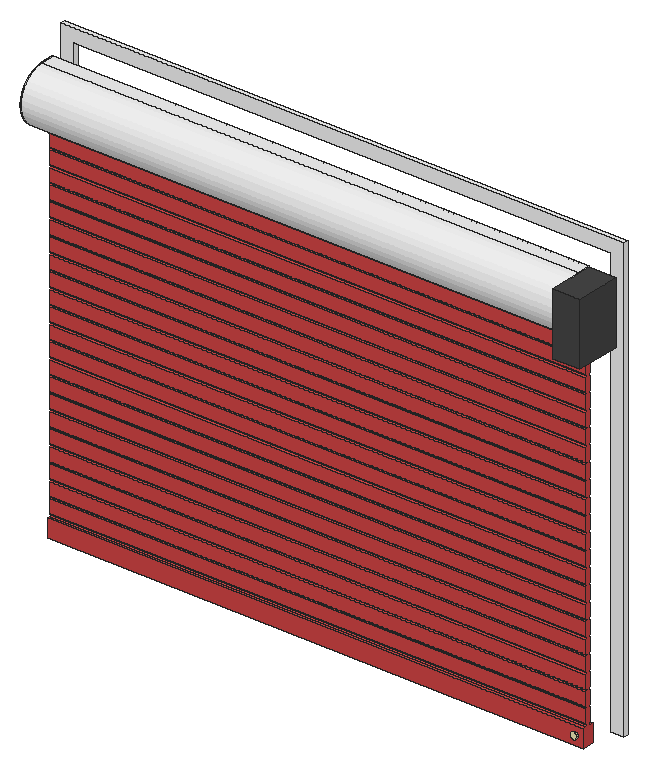
Revit family "Overhead-Door_Coiling", category Doors, host Wall, Revit 2026
Family settings
  Host = Wall
  Classification Number = 23.30.10.17.27.11
  Always vertical = Yes
  Cut with Voids When Loaded = No
  Shared = No
  Room Calculation Point = No
Parameters (values of type "10x8 Fire Shutter")
  pnlarry = Height / 0' 4 1/8"  # 23
  Warranty Duration (Years) = 5
  UL Rating = "2 Hour"
  Test Data = ""
  Specification = "http://www.arcat.com/divs/sec/sec08330.shtml"
  Shutter Thickness = 0' - 1"
  Shutter Material = ARCAT - Metal - Steel, Plate, Painted - Red
  Sales Information = ""
  Safety Detection = "Detect obstruction and reverse door without contacting obstruction"
  Rough Width = Width + 0' 1 1/2"  # 10' - 1 1/2"
  Rough Height = Height + 0' 1"  # 8' - 1"
  Product Properties = "http://www.arcat.com/bim/bim_info.pl?fn=Overhead-Door_Coiling"
  Product Data = "http://www.arcat.com/divs/sec/sec08330.shtml"
  Operator = "220VAC, Internally Mounted"
  Operation = "{24VDC 3 Button Switch}{Chain Pull}{Manual Lift}"
  Motor Cover Material = ARCAT - Metal - Steel, Plate, Painted - Black
  Model = "Generic"  # constant formula
  Manufacturer Website = "http://www.arcat.com/"
  Manufacturer Phone - Toll Free = ""
  Manufacturer Phone = "(203) 929-9444"  # constant formula
  Manufacturer Fax = "(203) 929-2444"  # constant formula
  Manufacturer Email = "bim@arcat.com"  # constant formula
  Manufacturer Address = "1077 Bridgeport Ave, Shelton, CT  06484"  # constant formula
  Manufacturer = "Generic"  # constant formula
  Maintenance Schedule (Months) = 6
  Keynote = "08330"
  Installation-Fabrication = ""
  Installation Phase = ""
  Housing Material = ARCAT - Metal - Steel, Galvanized
  Hardware Finish = ARCAT - Metal - Brass, Polished
  Green Building-LEED = "http://www.arcat.com/green/green_building.shtml"
  Function = Interior
  Frame Projection Ext. = 0' - 1"
  Frame Projection Int. = 0' - 1"
  Frame Width = 0' - 3"
  Height = 8' - 0"
  Wall Closure = By host
  Width = 10' - 0"
  Fire Rating = ""
  Expected Lifespan (Years) = 25
  Drawn By = "Robert S. Weygant. CSI, CDT, SCIP"  # constant formula
  Detection / Release Devices = "Three 165 degree Fahrenheit fusible links, Fail-Safe release device with 72 hour battery backup"
  Description = "10x8 Fire Shutter"
  Copyright = "2008, ARCAT, Inc."  # constant formula
  Construction Details = "http://www.arcat.com/divs/sec/sec08330.shtml"
  Casing Material = ARCAT - Metal - Steel, Stainless
  Building Codes = ""
  Assembly Code = "B2030410"
Types (16): name | UL Rating | Shutter Material | Rough Width | Width | Description
  10x8 Fire Shutter | "2 Hour" | ARCAT - Metal - Steel, Plate, Painted - Red | 10' - 1 1/2" | 10' - 0" | "10x8 Fire Shutter"
  10x8 Security Shutter | "30 Min" | ARCAT - Metal - Steel, Galvanized | 10' - 1 1/2" | 10' - 0" | "10x8 Security Shutter"
  9x8 Fire Shutter | "2 Hour" | ARCAT - Metal - Steel, Plate, Painted - Red | 9' - 1 1/2" | 9' - 0" | "9x8 Fire Shutter"
  9x8 Security Shutter | "30 Min" | ARCAT - Metal - Steel, Galvanized | 9' - 1 1/2" | 9' - 0" | "9x8 Security Shutter"
  8x8 Fire Shutter | "2 Hour" | ARCAT - Metal - Steel, Plate, Painted - Red | 8' - 1 1/2" | 8' - 0" | "8x8 Fire Shutter"
  8x8 Security Shutter | "30 Min" | ARCAT - Metal - Steel, Galvanized | 8' - 1 1/2" | 8' - 0" | "8x8 Security Shutter"
  7x8 Fire Shutter | "2 Hour" | ARCAT - Metal - Steel, Plate, Painted - Red | 7' - 1 1/2" | 7' - 0" | "7x8 Fire Shutter"
  7x8 Security Shutter | "30 Min" | ARCAT - Metal - Steel, Galvanized | 7' - 1 1/2" | 7' - 0" | "7x8 Security Shutter"
  6x8 Fire Shutter | "2 Hour" | ARCAT - Metal - Steel, Plate, Painted - Red | 6' - 1 1/2" | 6' - 0" | "6x8 Fire Shutter"
  6x8 Security Shutter | "30 Min" | ARCAT - Metal - Steel, Galvanized | 6' - 1 1/2" | 6' - 0" | "6x8 Security Shutter"
  5x8 Fire Shutter | "2 Hour" | ARCAT - Metal - Steel, Plate, Painted - Red | 5' - 1 1/2" | 5' - 0" | "5x8 Fire Shutter"
  5x8 Security Shutter | "30 Min" | ARCAT - Metal - Steel, Galvanized | 5' - 1 1/2" | 5' - 0" | "5x8 Security Shutter"
  4x8 Fire Shutter | "2 Hour" | ARCAT - Metal - Steel, Plate, Painted - Red | 4' - 1 1/2" | 4' - 0" | "4x8 Fire Shutter"
  4x8 Security Shutter | "30 Min" | ARCAT - Metal - Steel, Galvanized | 4' - 1 1/2" | 4' - 0" | "4x8 Security Shutter"
  3x8 Fire Shutter | "2 Hour" | ARCAT - Metal - Steel, Plate, Painted - Red | 3' - 1 1/2" | 3' - 0" | "3x8 Fire Shutter"
  3x8 Security Shutter | "30 Min" | ARCAT - Metal - Steel, Galvanized | 3' - 1 1/2" | 3' - 0" | "3x8 Security Shutter"
Reference planes (in)
  plane 1 "Center (Front/Back)": y = 0
  plane 2 "Center (Left/Right)": x = 0
  plane 3 "Left": x = -60
  plane 4 "Right": x = 60
  plane 5 "Top": z = 96
  plane 6: z = 0
Forms (in)
  Extrusion 1, solid, material "ARCAT - Metal - Steel, Stainless" <- "Casing Material"
    sketch origin (-90, 3, 0) x (-1, 0, 0) y (0, 0, 1)
      loop
        line (-150, 96) -> (-30, 96) -> (-30, 0) -> (-27, 0) -> (-27, 99) -> (-153, 99) -> (-153, 0) -> (-150, 0) -> (-150, 96)
    from 0 to 1
  Extrusion 2, solid, material "ARCAT - Metal - Steel, Galvanized" <- "Housing Material"
    sketch origin (-48, 0, -15) x (0, 1, 0) y (0, 0, 1)
      loop
        line (-4, 96) -> (-3.875, 96) -> (-3.875, 99.125) -> (-6, 99.125)
        arc (-6, 99.125) -> (-11.875, 105) -> (-6, 110.875) r 5.875
        line (-6, 110.875) -> (-3.125, 110.875) -> (-3.125, 96) -> (-3, 96) -> (-3, 111) -> (-6, 111)
        arc (-6, 111) -> (-12, 105) -> (-6, 99) r 6
        line (-6, 99) -> (-4, 99) -> (-4, 96)
    from -12 to 108
  Extrusion 3, solid, material "ARCAT - Metal - Steel, Plate, Painted - Black" <- "Motor Cover Material"
    sketch origin (48, 0, 0) x (0, 1, 0) y (0, 0, 1)
      loop
        line (-3.125, 95.875) -> (-13.125, 95.875) -> (-13.125, 81.875) -> (-3.125, 81.875) -> (-3.125, 95.875)
    from 12 to 18
  Extrusion 4, solid, material "ARCAT - Metal - Steel, Galvanized" <- "Housing Material"
    sketch origin (-48.125, 0, 0) x (0, 1, 0) y (0, 0, 1)
      loop
        line (-3, 81) -> (-3, 96) -> (-6, 96)
        arc (-6, 96) -> (-12, 90) -> (-6, 84) r 6
        line (-6, 84) -> (-4, 84) -> (-4, 81) -> (-3, 81)
    from -12 to -11.875
  Extrusion 5, solid, material "ARCAT - Metal - Steel, Plate, Painted - Red" <- "Shutter Material"
    sketch origin (-60, 0, 0) x (0, -1, 0) y (0, 0, 1)
      loop
        line (2.79109, 84.125) -> (2.79109, 0) -> (3.79109, 0) -> (3.79109, 84.125) -> (2.79109, 84.125)
    from -120 to 0
  Extrusion 6, solid, material "ARCAT - Metal - Steel, Plate, Painted - Red" <- "Shutter Material"
    sketch origin (-60, 0, 0) x (0, -1, 0) y (0, 0, 1)
      loop
        line (2.04109, 0) -> (2.79109, 0) -> (2.79109, 4) -> (2.04109, 4) -> (2.04109, 0)
      loop
        line (3.79109, 0) -> (4.54109, 0) -> (4.54109, 4) -> (3.79109, 4) -> (3.79109, 0)
    from -120 to 0
  Extrusion 7, void
    sketch origin (60, 0, 0) x (0, -1, 0) y (0, 0, 1)
      loop
        line (3.79109, 4) -> (3.79109, 4.49527) -> (3.54346, 4.24764) -> (3.79109, 4)
    from 0 to 120 <- "Width"
  Extrusion 8, void
    sketch origin (60, 0, 3.5) x (0, -1, 0) y (0, 0, 1)
      loop
        line (3.79109, 4) -> (3.79109, 4.49527) -> (3.54346, 4.24764) -> (3.79109, 4)
    from 0 to 120 <- "Width"
  Extrusion 9, void
    sketch origin (60, 0, 7) x (0, -1, 0) y (0, 0, 1)
      loop
        line (3.79109, 4) -> (3.79109, 4.49527) -> (3.54346, 4.24764) -> (3.79109, 4)
    from 0 to 120 <- "Width"
  Extrusion 10, void
    sketch origin (60, 0, 10.5) x (0, -1, 0) y (0, 0, 1)
      loop
        line (3.79109, 4) -> (3.79109, 4.49527) -> (3.54346, 4.24764) -> (3.79109, 4)
    from 0 to 120 <- "Width"
  Extrusion 11, void
    sketch origin (60, 0, 14) x (0, -1, 0) y (0, 0, 1)
      loop
        line (3.79109, 4) -> (3.79109, 4.49527) -> (3.54346, 4.24764) -> (3.79109, 4)
    from 0 to 120 <- "Width"
  Extrusion 12, void
    sketch origin (60, 0, 17.5) x (0, -1, 0) y (0, 0, 1)
      loop
        line (3.79109, 4) -> (3.79109, 4.49527) -> (3.54346, 4.24764) -> (3.79109, 4)
    from 0 to 120 <- "Width"
  Extrusion 13, void
    sketch origin (60, 0, 21) x (0, -1, 0) y (0, 0, 1)
      loop
        line (3.79109, 4) -> (3.79109, 4.49527) -> (3.54346, 4.24764) -> (3.79109, 4)
    from 0 to 120 <- "Width"
  Extrusion 14, void
    sketch origin (60, 0, 24.5) x (0, -1, 0) y (0, 0, 1)
      loop
        line (3.79109, 4) -> (3.79109, 4.49527) -> (3.54346, 4.24764) -> (3.79109, 4)
    from 0 to 120 <- "Width"
  Extrusion 15, void
    sketch origin (60, 0, 28) x (0, -1, 0) y (0, 0, 1)
      loop
        line (3.79109, 4) -> (3.79109, 4.49527) -> (3.54346, 4.24764) -> (3.79109, 4)
    from 0 to 120 <- "Width"
  Extrusion 16, void
    sketch origin (60, 0, 31.5) x (0, -1, 0) y (0, 0, 1)
      loop
        line (3.79109, 4) -> (3.79109, 4.49527) -> (3.54346, 4.24764) -> (3.79109, 4)
    from 0 to 120 <- "Width"
  Extrusion 17, void
    sketch origin (60, 0, 35) x (0, -1, 0) y (0, 0, 1)
      loop
        line (3.79109, 4) -> (3.79109, 4.49527) -> (3.54346, 4.24764) -> (3.79109, 4)
    from 0 to 120 <- "Width"
  Extrusion 18, void
    sketch origin (60, 0, 38.5) x (0, -1, 0) y (0, 0, 1)
      loop
        line (3.79109, 4) -> (3.79109, 4.49527) -> (3.54346, 4.24764) -> (3.79109, 4)
    from 0 to 120 <- "Width"
  Extrusion 19, void
    sketch origin (60, 0, 42) x (0, -1, 0) y (0, 0, 1)
      loop
        line (3.79109, 4) -> (3.79109, 4.49527) -> (3.54346, 4.24764) -> (3.79109, 4)
    from 0 to 120 <- "Width"
  Extrusion 20, void
    sketch origin (60, 0, 45.5) x (0, -1, 0) y (0, 0, 1)
      loop
        line (3.79109, 4) -> (3.79109, 4.49527) -> (3.54346, 4.24764) -> (3.79109, 4)
    from 0 to 120 <- "Width"
  Extrusion 21, void
    sketch origin (60, 0, 49) x (0, -1, 0) y (0, 0, 1)
      loop
        line (3.79109, 4) -> (3.79109, 4.49527) -> (3.54346, 4.24764) -> (3.79109, 4)
    from 0 to 120 <- "Width"
  Extrusion 22, void
    sketch origin (60, 0, 52.5) x (0, -1, 0) y (0, 0, 1)
      loop
        line (3.79109, 4) -> (3.79109, 4.49527) -> (3.54346, 4.24764) -> (3.79109, 4)
    from 0 to 120 <- "Width"
  Extrusion 23, void
    sketch origin (60, 0, 56) x (0, -1, 0) y (0, 0, 1)
      loop
        line (3.79109, 4) -> (3.79109, 4.49527) -> (3.54346, 4.24764) -> (3.79109, 4)
    from 0 to 120 <- "Width"
  Extrusion 24, void
    sketch origin (60, 0, 59.5) x (0, -1, 0) y (0, 0, 1)
      loop
        line (3.79109, 4) -> (3.79109, 4.49527) -> (3.54346, 4.24764) -> (3.79109, 4)
    from 0 to 120 <- "Width"
  Extrusion 25, void
    sketch origin (60, 0, 63) x (0, -1, 0) y (0, 0, 1)
      loop
        line (3.79109, 4) -> (3.79109, 4.49527) -> (3.54346, 4.24764) -> (3.79109, 4)
    from 0 to 120 <- "Width"
  Extrusion 26, void
    sketch origin (60, 0, 66.5) x (0, -1, 0) y (0, 0, 1)
      loop
        line (3.79109, 4) -> (3.79109, 4.49527) -> (3.54346, 4.24764) -> (3.79109, 4)
    from 0 to 120 <- "Width"
  Extrusion 27, void
    sketch origin (60, 0, 70) x (0, -1, 0) y (0, 0, 1)
      loop
        line (3.79109, 4) -> (3.79109, 4.49527) -> (3.54346, 4.24764) -> (3.79109, 4)
    from 0 to 120 <- "Width"
  Extrusion 28, void
    sketch origin (60, 0, 73.5) x (0, -1, 0) y (0, 0, 1)
      loop
        line (3.79109, 4) -> (3.79109, 4.49527) -> (3.54346, 4.24764) -> (3.79109, 4)
    from 0 to 120 <- "Width"
  Extrusion 29, void
    sketch origin (60, 0, 77) x (0, -1, 0) y (0, 0, 1)
      loop
        line (3.79109, 4) -> (3.79109, 4.49527) -> (3.54346, 4.24764) -> (3.79109, 4)
    from 0 to 120 <- "Width"
  Extrusion 30, void
    sketch origin (60, -6.58219, 0) x (0, 1, 0) y (0, 0, -1)
      loop
        line (3.79109, -4) -> (3.54346, -4.24764) -> (3.79109, -4.49527) -> (3.79109, -4)
    from 0 to 120 <- "Width"
  Extrusion 31, void
    sketch origin (60, -6.58219, 3.5) x (0, 1, 0) y (0, 0, -1)
      loop
        line (3.79109, -4) -> (3.54346, -4.24764) -> (3.79109, -4.49527) -> (3.79109, -4)
    from 0 to 120 <- "Width"
  Extrusion 32, void
    sketch origin (60, -6.58219, 7) x (0, 1, 0) y (0, 0, -1)
      loop
        line (3.79109, -4) -> (3.54346, -4.24764) -> (3.79109, -4.49527) -> (3.79109, -4)
    from 0 to 120 <- "Width"
  Extrusion 33, void
    sketch origin (60, -6.58219, 10.5) x (0, 1, 0) y (0, 0, -1)
      loop
        line (3.79109, -4) -> (3.54346, -4.24764) -> (3.79109, -4.49527) -> (3.79109, -4)
    from 0 to 120 <- "Width"
  Extrusion 34, void
    sketch origin (60, -6.58219, 14) x (0, 1, 0) y (0, 0, -1)
      loop
        line (3.79109, -4) -> (3.54346, -4.24764) -> (3.79109, -4.49527) -> (3.79109, -4)
    from 0 to 120 <- "Width"
  Extrusion 35, void
    sketch origin (60, -6.58219, 17.5) x (0, 1, 0) y (0, 0, -1)
      loop
        line (3.79109, -4) -> (3.54346, -4.24764) -> (3.79109, -4.49527) -> (3.79109, -4)
    from 0 to 120 <- "Width"
  Extrusion 36, void
    sketch origin (60, -6.58219, 21) x (0, 1, 0) y (0, 0, -1)
      loop
        line (3.79109, -4) -> (3.54346, -4.24764) -> (3.79109, -4.49527) -> (3.79109, -4)
    from 0 to 120 <- "Width"
  Extrusion 37, void
    sketch origin (60, -6.58219, 24.5) x (0, 1, 0) y (0, 0, -1)
      loop
        line (3.79109, -4) -> (3.54346, -4.24764) -> (3.79109, -4.49527) -> (3.79109, -4)
    from 0 to 120 <- "Width"
  Extrusion 38, void
    sketch origin (60, -6.58219, 28) x (0, 1, 0) y (0, 0, -1)
      loop
        line (3.79109, -4) -> (3.54346, -4.24764) -> (3.79109, -4.49527) -> (3.79109, -4)
    from 0 to 120 <- "Width"
  Extrusion 39, void
    sketch origin (60, -6.58219, 31.5) x (0, 1, 0) y (0, 0, -1)
      loop
        line (3.79109, -4) -> (3.54346, -4.24764) -> (3.79109, -4.49527) -> (3.79109, -4)
    from 0 to 120 <- "Width"
  Extrusion 40, void
    sketch origin (60, -6.58219, 35) x (0, 1, 0) y (0, 0, -1)
      loop
        line (3.79109, -4) -> (3.54346, -4.24764) -> (3.79109, -4.49527) -> (3.79109, -4)
    from 0 to 120 <- "Width"
  Extrusion 41, void
    sketch origin (60, -6.58219, 38.5) x (0, 1, 0) y (0, 0, -1)
      loop
        line (3.79109, -4) -> (3.54346, -4.24764) -> (3.79109, -4.49527) -> (3.79109, -4)
    from 0 to 120 <- "Width"
  Extrusion 42, void
    sketch origin (60, -6.58219, 42) x (0, 1, 0) y (0, 0, -1)
      loop
        line (3.79109, -4) -> (3.54346, -4.24764) -> (3.79109, -4.49527) -> (3.79109, -4)
    from 0 to 120 <- "Width"
  Extrusion 43, void
    sketch origin (60, -6.58219, 45.5) x (0, 1, 0) y (0, 0, -1)
      loop
        line (3.79109, -4) -> (3.54346, -4.24764) -> (3.79109, -4.49527) -> (3.79109, -4)
    from 0 to 120 <- "Width"
  Extrusion 44, void
    sketch origin (60, -6.58219, 49) x (0, 1, 0) y (0, 0, -1)
      loop
        line (3.79109, -4) -> (3.54346, -4.24764) -> (3.79109, -4.49527) -> (3.79109, -4)
    from 0 to 120 <- "Width"
  Extrusion 45, void
    sketch origin (60, -6.58219, 52.5) x (0, 1, 0) y (0, 0, -1)
      loop
        line (3.79109, -4) -> (3.54346, -4.24764) -> (3.79109, -4.49527) -> (3.79109, -4)
    from 0 to 120 <- "Width"
  Extrusion 46, void
    sketch origin (60, -6.58219, 56) x (0, 1, 0) y (0, 0, -1)
      loop
        line (3.79109, -4) -> (3.54346, -4.24764) -> (3.79109, -4.49527) -> (3.79109, -4)
    from 0 to 120 <- "Width"
  Extrusion 47, void
    sketch origin (60, -6.58219, 59.5) x (0, 1, 0) y (0, 0, -1)
      loop
        line (3.79109, -4) -> (3.54346, -4.24764) -> (3.79109, -4.49527) -> (3.79109, -4)
    from 0 to 120 <- "Width"
  Extrusion 48, void
    sketch origin (60, -6.58219, 63) x (0, 1, 0) y (0, 0, -1)
      loop
        line (3.79109, -4) -> (3.54346, -4.24764) -> (3.79109, -4.49527) -> (3.79109, -4)
    from 0 to 120 <- "Width"
  Extrusion 49, void
    sketch origin (60, -6.58219, 66.5) x (0, 1, 0) y (0, 0, -1)
      loop
        line (3.79109, -4) -> (3.54346, -4.24764) -> (3.79109, -4.49527) -> (3.79109, -4)
    from 0 to 120 <- "Width"
  Extrusion 50, void
    sketch origin (60, -6.58219, 70) x (0, 1, 0) y (0, 0, -1)
      loop
        line (3.79109, -4) -> (3.54346, -4.24764) -> (3.79109, -4.49527) -> (3.79109, -4)
    from 0 to 120 <- "Width"
  Extrusion 51, void
    sketch origin (60, -6.58219, 73.5) x (0, 1, 0) y (0, 0, -1)
      loop
        line (3.79109, -4) -> (3.54346, -4.24764) -> (3.79109, -4.49527) -> (3.79109, -4)
    from 0 to 120 <- "Width"
  Extrusion 52, void
    sketch origin (60, -6.58219, 77) x (0, 1, 0) y (0, 0, -1)
      loop
        line (3.79109, -4) -> (3.54346, -4.24764) -> (3.79109, -4.49527) -> (3.79109, -4)
    from 0 to 120 <- "Width"
  Extrusion 53, solid, material "ARCAT - Metal - Brass, Polished" <- "Hardware Finish"
    sketch origin (0, 0, 0) x (1, 0, 0) y (0, 0, 1)
      loop
        circle (58.03067, 1.98038) r 0.75
    from 1.7888 to 4.79109
Cuts and joins
  Extrusion 7, Extrusion 8, Extrusion 9, Extrusion 10, Extrusion 11, Extrusion 12, Extrusion 13, Extrusion 14, Extrusion 15, Extrusion 16, Extrusion 17, Extrusion 18, Extrusion 19, Extrusion 20, Extrusion 21, Extrusion 22, Extrusion 23, Extrusion 24, Extrusion 25, Extrusion 26, Extrusion 27, Extrusion 28, Extrusion 29, Extrusion 30, Extrusion 31, Extrusion 32, Extrusion 33, Extrusion 34, Extrusion 35, Extrusion 36, Extrusion 37, Extrusion 38, Extrusion 39, Extrusion 40, Extrusion 41, Extrusion 42, Extrusion 43, Extrusion 44, Extrusion 45, Extrusion 46, Extrusion 47, Extrusion 48, Extrusion 49, Extrusion 50, Extrusion 51, Extrusion 52 cuts Extrusion 5
  Extrusion 7, Extrusion 8, Extrusion 9, Extrusion 10, Extrusion 11, Extrusion 12, Extrusion 13, Extrusion 14, Extrusion 15, Extrusion 16, Extrusion 17, Extrusion 18, Extrusion 19, Extrusion 20, Extrusion 21, Extrusion 22, Extrusion 23, Extrusion 24, Extrusion 25, Extrusion 26, Extrusion 27, Extrusion 28, Extrusion 29, Extrusion 30, Extrusion 31, Extrusion 32, Extrusion 33, Extrusion 34, Extrusion 35, Extrusion 36, Extrusion 37, Extrusion 38, Extrusion 39, Extrusion 40, Extrusion 41, Extrusion 42, Extrusion 43, Extrusion 44, Extrusion 45, Extrusion 46, Extrusion 47, Extrusion 48, Extrusion 49, Extrusion 50, Extrusion 51, Extrusion 52 cuts Extrusion 6
  joined: Extrusion 5, Extrusion 6
Lines and regions (in)
  Opening 1
    outline origin (-90, -3, 0) x (1, 0, 0) y (0, 0, 1)
      loop
        line (30, 0) -> (150, 0) -> (150, 96) -> (30, 96) -> (30, 0)
Text (in)
  text "Exterior" at (-74.96733, 27.31104, 0), in view "A-101 - Plan View"
  text "Interior" at (-74.96733, -25.14366, 0), in view "A-101 - Plan View"
  text "Exterior" at (0, 40.15149, 123.01588), in view "Right"
  text "Interior" at (0, -64.39139, 123.01588), in view "Right"
  text "Interior" at (0, -31.01599, 123.00693), in view "A-202 - Side Elevation"
  text "Exterior" at (0, 54.57065, 123.00693), in view "A-202 - Side Elevation"
Dimensions and locks (in)
  equal spacing: plane 3 "Left", plane 2 "Center (Left/Right)", plane 4 "Right"
  "Height": level to plane 5 "Top"
  "Width": plane 3 "Left" to plane 4 "Right"
  "Frame Width": Extrusion 1 sketch curve to Extrusion 1 sketch curve  (x2)
  "Frame Width": Extrusion 1 sketch curve to plane 5 "Top"
  host wall to plane 5 "Top" = 8' - 0"
  "Frame Projection Ext.": Extrusion 1 to host wall
  locked: Extrusion 4 to Extrusion 4 at 0.125
  locked: Extrusion 3 to Extrusion 3 at 6
  "Shutter Thickness": Extrusion 5 sketch curve to Extrusion 5 sketch curve
  locked: Extrusion 6 sketch curve to Extrusion 6 sketch curve at 0.75  (x2)
  locked: Extrusion 6 sketch curve to Extrusion 6 sketch curve at 4  (x2)
  equal spacing: group 1, group 2, group 3, group 4, group 5, group 6, group 7, group 8, group 9, group 10, group 11, group 12, group 13, group 14, group 15, group 16, group 17, group 18, group 19, group 20, group 21, group 22, group 23  (x3)
  locked: host wall to cut or joined group 1 (Extrusion 5, Extrusion 6, Extrusion 7, Extrusion 8, Extrusion 9, Extrusion 10, Extrusion 11, Extrusion 12, Extrusion 13, Extrusion 14, Extrusion 15, Extrusion 16, Extrusion 17, Extrusion 18, Extrusion 19, Extrusion 20, Extrusion 21, Extrusion 22, Extrusion 23, Extrusion 24, Extrusion 25, Extrusion 26, Extrusion 27, Extrusion 28, Extrusion 29, Extrusion 30, Extrusion 31, Extrusion 32, Extrusion 33, Extrusion 34, Extrusion 35, Extrusion 36, Extrusion 37, Extrusion 38, Extrusion 39, Extrusion 40, Extrusion 41, Extrusion 42, Extrusion 43, Extrusion 44, Extrusion 45, Extrusion 46, Extrusion 47, Extrusion 48, Extrusion 49, Extrusion 50, Extrusion 51, Extrusion 52) at 3.79109
  locked: Extrusion 53 to cut or joined group 1 at 0.25
  locked: Extrusion 53 to cut or joined group 1 at 0.25229
  aligned and locked: plane 3 "Left" to Opening 1 sketch curve
  aligned and locked: plane 5 "Top" to Opening 1 sketch curve  (x2)
  aligned and locked: Opening 1 sketch curve to plane 4 "Right"
  aligned and locked: Opening 1 sketch curve to level
  aligned and locked: plane 5 "Top" to Extrusion 1 sketch curve  (x2)
  aligned and locked: plane 3 "Left" to Extrusion 1 sketch curve
  aligned and locked: Extrusion 1 sketch curve to plane 3 "Left"
  aligned and locked: level to Extrusion 1 sketch curve
  aligned and locked: plane 4 "Right" to Extrusion 1 sketch curve
  aligned and locked: Extrusion 1 to host wall
  aligned and locked: plane 3 "Left" to Extrusion 2
  aligned and locked: Extrusion 2 to plane 4 "Right"
  aligned and locked: plane 4 "Right" to Extrusion 3
  aligned and locked: Extrusion 4 to plane 3 "Left"
  aligned and locked: plane 3 "Left" to Extrusion 5
  aligned and locked: Extrusion 5 to plane 4 "Right"
  aligned and locked: Extrusion 2 to Extrusion 5
  aligned and locked: Extrusion 5 to level
  aligned and locked: Extrusion 6 sketch curve to Extrusion 5
  aligned and locked: plane 3 "Left" to Extrusion 6
  aligned and locked: Extrusion 6 to plane 4 "Right"
  aligned and locked: cut or joined group 1 to plane 3 "Left"
  aligned and locked: Extrusion 6 sketch curve to cut or joined group 1
  aligned and locked: cut or joined group 1 to Extrusion 6 sketch curve
Automatic sketch dimensions
  Extrusion 7 sketch curve to Extrusion 7 sketch curve = 0' - 0.24764"  (x2)
  Extrusion 8 sketch curve to Extrusion 8 sketch curve = 0' - 0.24764"  (x2)
  Extrusion 9 sketch curve to Extrusion 9 sketch curve = 0' - 0.24764"  (x2)
  Extrusion 10 sketch curve to Extrusion 10 sketch curve = 0' - 0.24764"  (x2)
  Extrusion 11 sketch curve to Extrusion 11 sketch curve = 0' - 0.24764"  (x2)
  Extrusion 12 sketch curve to Extrusion 12 sketch curve = 0' - 0.24764"  (x2)
  Extrusion 13 sketch curve to Extrusion 13 sketch curve = 0' - 0.24764"  (x2)
  Extrusion 14 sketch curve to Extrusion 14 sketch curve = 0' - 0.24764"  (x2)
  Extrusion 15 sketch curve to Extrusion 15 sketch curve = 0' - 0.24764"  (x2)
  Extrusion 16 sketch curve to Extrusion 16 sketch curve = 0' - 0.24764"  (x2)
  Extrusion 17 sketch curve to Extrusion 17 sketch curve = 0' - 0.24764"  (x2)
  Extrusion 18 sketch curve to Extrusion 18 sketch curve = 0' - 0.24764"  (x2)
  Extrusion 19 sketch curve to Extrusion 19 sketch curve = 0' - 0.24764"  (x2)
  Extrusion 20 sketch curve to Extrusion 20 sketch curve = 0' - 0.24764"  (x2)
  Extrusion 21 sketch curve to Extrusion 21 sketch curve = 0' - 0.24764"  (x2)
  Extrusion 22 sketch curve to Extrusion 22 sketch curve = 0' - 0.24764"  (x2)
  Extrusion 23 sketch curve to Extrusion 23 sketch curve = 0' - 0.24764"  (x2)
  Extrusion 24 sketch curve to Extrusion 24 sketch curve = 0' - 0.24764"  (x2)
  Extrusion 25 sketch curve to Extrusion 25 sketch curve = 0' - 0.24764"  (x2)
  Extrusion 26 sketch curve to Extrusion 26 sketch curve = 0' - 0.24764"  (x2)
  Extrusion 27 sketch curve to Extrusion 27 sketch curve = 0' - 0.24764"  (x2)
  Extrusion 28 sketch curve to Extrusion 28 sketch curve = 0' - 0.24764"  (x2)
  Extrusion 29 sketch curve to Extrusion 29 sketch curve = 0' - 0.24764"  (x2)
  Extrusion 1 sketch curve to level = 0' - 0"
  Extrusion 2 sketch curve to Extrusion 2 sketch curve = 0' - 0"  (x3)
  Extrusion 2 sketch curve to plane 5 "Top" = 0' - 0"
  Extrusion 2 sketch curve to host wall = 0' - 0"
  host wall to Extrusion 2 sketch curve = 0' - 0 1/8"
  Extrusion 2 sketch curve to Extrusion 2 sketch curve = 0' - 0 3/4"
  Extrusion 2 sketch curve to Extrusion 2 sketch curve = 0' - 0 1/8"
  plane 5 "Top" to Extrusion 2 sketch curve = 0' - 0 1/8"
  Extrusion 2 sketch curve to Extrusion 2 sketch curve = 0' - 2 7/8"
  Extrusion 2 sketch curve to Extrusion 2 sketch curve = 0' - 5 7/8"
  Extrusion 2 sketch curve to Extrusion 2 sketch curve = 0' - 3"
  plane 5 "Top" to Extrusion 3 sketch curve = 0' - 0 1/8"
  host wall to Extrusion 3 sketch curve = 0' - 10 1/8"
  host wall to Extrusion 3 sketch curve = 0' - 0 1/8"
  Extrusion 3 sketch curve to Extrusion 3 sketch curve = 1' - 2"
  Extrusion 4 sketch curve to plane 5 "Top" = 0' - 0"
  Extrusion 4 sketch curve to host wall = 0' - 0"
  host wall to Extrusion 4 sketch curve = 0' - 1"
  host wall to Extrusion 4 sketch curve = 0' - 3"
  plane 5 "Top" to Extrusion 4 sketch curve = 0' - 6"
  Extrusion 4 sketch curve to Extrusion 4 sketch curve = 0' - 3"
  Extrusion 5 sketch curve to level = 0' - 0"
  Extrusion 5 sketch curve to host wall = 0' - 0.20891"
  plane 5 "Top" to Extrusion 5 sketch curve = 0' - 11 7/8"
  Extrusion 6 sketch curve to level = 0' - 0"
  Extrusion 31 sketch curve to Extrusion 31 sketch curve = 0' - 0.24764"  (x4)
  Extrusion 32 sketch curve to Extrusion 32 sketch curve = 0' - 0.24764"  (x4)
  Extrusion 33 sketch curve to Extrusion 33 sketch curve = 0' - 0.24764"  (x4)
  Extrusion 34 sketch curve to Extrusion 34 sketch curve = 0' - 0.24764"  (x4)
  Extrusion 35 sketch curve to Extrusion 35 sketch curve = 0' - 0.24764"  (x4)
  Extrusion 36 sketch curve to Extrusion 36 sketch curve = 0' - 0.24764"  (x4)
  Extrusion 37 sketch curve to Extrusion 37 sketch curve = 0' - 0.24764"  (x4)
  Extrusion 38 sketch curve to Extrusion 38 sketch curve = 0' - 0.24764"  (x4)
  Extrusion 39 sketch curve to Extrusion 39 sketch curve = 0' - 0.24764"  (x4)
  Extrusion 40 sketch curve to Extrusion 40 sketch curve = 0' - 0.24764"  (x4)
  Extrusion 41 sketch curve to Extrusion 41 sketch curve = 0' - 0.24764"  (x4)
  Extrusion 42 sketch curve to Extrusion 42 sketch curve = 0' - 0.24764"  (x4)
  Extrusion 43 sketch curve to Extrusion 43 sketch curve = 0' - 0.24764"  (x4)
  Extrusion 44 sketch curve to Extrusion 44 sketch curve = 0' - 0.24764"  (x4)
  Extrusion 45 sketch curve to Extrusion 45 sketch curve = 0' - 0.24764"  (x4)
  Extrusion 46 sketch curve to Extrusion 46 sketch curve = 0' - 0.24764"  (x4)
  Extrusion 47 sketch curve to Extrusion 47 sketch curve = 0' - 0.24764"  (x4)
  Extrusion 48 sketch curve to Extrusion 48 sketch curve = 0' - 0.24764"  (x4)
  Extrusion 49 sketch curve to Extrusion 49 sketch curve = 0' - 0.24764"  (x4)
  Extrusion 50 sketch curve to Extrusion 50 sketch curve = 0' - 0.24764"  (x4)
  Extrusion 51 sketch curve to Extrusion 51 sketch curve = 0' - 0.24764"  (x4)
  Extrusion 52 sketch curve to Extrusion 52 sketch curve = 0' - 0.24764"  (x4)
  Extrusion 30 sketch curve to Extrusion 30 sketch curve = 0' - 0.24764"  (x2)
  plane 4 "Right" to Extrusion 53 sketch curve = 0' - 1.96933"
  level to Extrusion 53 sketch curve = 0' - 1.98038"
  radius of Extrusion 53 sketch curve = 0' - 0 3/4"
